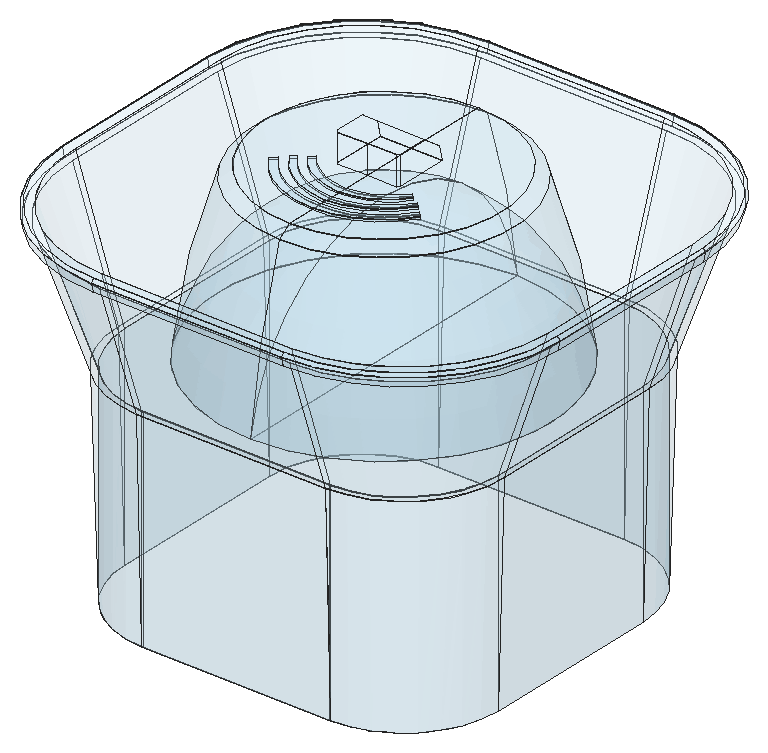
Revit family "Maxlogic Оповещатели световые, звуковые, светозвуковые (Низкий класс защиты IP)", category Fire Alarm Devices, host Face, Revit 2021
Family settings
  Host = Face
  Maintain Annotation Orientation = Yes
  Round Connector Dimension = Use Diameter
  Part Type = Normal
  OmniClass Number = 23.85.30.21
  OmniClass Title = Environmental Detection/Registration
  Cut with Voids When Loaded = No
  Shared = No
  Room Calculation Point = No
Parameters (values of type "Maxlogic Неадресный оповещатель пожарный светозвуковой")
  Вес = "220 гр"
  Монтажный короб для установки извещателя с поверхностной прокладкой кабеля = ""
  Гарантийный срок = "Года"
  Гарантийный срок запчастей = "2"
  Гарантия срока службы = "2"
  Версия = ""
  URL = "https://www.mavili.com.tr/"
  Монтажный комплект для установки извещателя в подвесной потолок = ""
  Номер позы общественных работ = "833-592"
  Класс защиты = "IP21C"
  Код продукта = "ML-2430"
  Номер телефона = "(+)90 216 466 45 05"
  Рабочее напряжение (по умолчанию) = "24 В Пост. ток"
  Диапазон рабочего напряжения = "21-28 В Пост. ток"
  Рабочая Температура = "(-10°C) - (+55°C)"
  Номинальная глубина = "101,5 мм"
  Номинальная ширина = "122 мм"
  Номинальная высота = "122 мм"
  Монтажная поверхность = "Настенная"
  Монтажная высота = "Выше пола на 240 см"
  Model = "MaxLogic"
  Manufacturer = "Mavili Elektronik Ticaret A.Ş."
  Инструкция по установке = "https://mavilielektronik.com/Revit/ML24XX_RU.pdf"
  Выход индикации = ""
  Номер факса = "(+)90 216 466 45 10"
  световой = yes
  Резервное питание = ""
  Почта = "mavili@mavili.com.tr"
  Отказ = ""
  Настройка адреса устройства = ""
  Description = "Неадресный оповещатель пожарный светозвуковой"
  Default Elevation = 0 mm
  Потребление тока = ""
  Валюта = ""
  Cost = 0
  Совместимые базы для монтажа = ""
  Цвет = "Красный"
  Производительность кода = "EN 54-3 / EN 54-23"
  Главный Материал = "Красный пластмассовый ABS"
  Вторичный материал = "Пластмассовый"
  Адрес №1 = "Şerifali Mahallesi Kutup Sokak No:27/1-2-4 Ümraniye TR-34775 İSTANBUL"
Types (10, lengths in mm): name | Вес | Номер позы общественных работ | Код продукта | Диапазон рабочего напряжения | Номинальная глубина | Инструкция по установке | световой | Настройка адреса устройства | Description | Производительность кода
  (no name) | "220 гр" | "833-592" | "ML-2430" | "21-28 В Пост. ток" | "101,5 мм" | "https://mavilielektronik.com/Revit/ML24XX_RU.pdf" | yes | "" | "Неадресный оповещатель пожарный светозвуковой" | "EN 54-3 / EN 54-23"
  Maxlogic Неадресный оповещатель пожарный звуковой | "195 гр" | "833-590" | "ML-2410" | "21-28 В Пост. ток" | "90 мм" | "https://mavilielektronik.com/Revit/ML24XX_RU.pdf" | no | "" | "Неадресный оповещатель пожарный звуковой" | "EN 54-3"
  Maxlogic Неадресный оповещатель пожарный световой | "205 гр" | "833-591" | "ML-2420" | "21-28 В Пост. ток" | "101,5 мм" | "https://mavilielektronik.com/Revit/ML24XX_RU.pdf" | yes | "" | "Неадресный оповещатель пожарный световой" | "EN 54-23"
  Maxlogic Неадресный оповещатель пожарный светозвуковой | "220 гр" | "833-592" | "ML-2430" | "21-28 В Пост. ток" | "101,5 мм" | "https://mavilielektronik.com/Revit/ML24XX_RU.pdf" | yes | "" | "Неадресный оповещатель пожарный светозвуковой" | "EN 54-3 / EN 54-23"
  Maxlogic Адресный звуковой оповещатель | "186 гр" | "" | "ML-1410" | "18-33 В Пост. ток" | "90 мм" | "https://mavilielektronik.com/Revit/ML14XX_RU.pdf" | no | "Модульная адресация" | "Адресный звуковой оповещатель" | "EN 54-3"
  Maxlogic Адресный звуковой оповещатель, с изолятором КЗ | "186 гр" | "" | "ML-1410.SCI" | "18-33 В Пост. ток" | "90 мм" | "https://mavilielektronik.com/Revit/ML14XX_RU.pdf" | no | "Модульная адресация" | "Адресный звуковой оповещатель, с изолятором КЗ" | "EN 54-3"
  Maxlogic Адресный световой оповещатель | "201 гр" | "" | "ML-1420" | "18-33 В Пост. ток" | "90 мм" | "https://mavilielektronik.com/Revit/ML14XX_RU.pdf" | yes | "Модульная адресация" | "Адресный световой оповещатель" | "EN 54-23"
  Maxlogic  Адресный световой оповещатель, с изолятором КЗ | "201 гр" | "" | "ML-1420.SCI" | "18-33 В Пост. ток" | "90 мм" | "https://mavilielektronik.com/Revit/ML14XX_RU.pdf" | yes | "Модульная адресация" | "Адресный световой оповещатель, с изолятором КЗ" | "EN 54-23"
  Maxlogic Адресный светозвуковой оповещатель | "217 гр" | "" | "ML-1430" | "18-33 В Пост. ток" | "90 мм" | "https://mavilielektronik.com/Revit/ML14XX_RU.pdf" | yes | "Модульная адресация" | "Адресный светозвуковой оповещатель" | "EN 54-3 / EN 54-23"
  Maxlogic Адресный светозвуковой оповещатель, с изолятором КЗ | "217 гр" | "" | "ML-1430.SCI" | "18-33 В Пост. ток" | "90 мм" | "https://mavilielektronik.com/Revit/ML14XX_RU.pdf" | yes | "Модульная адресация" | "Адресный светозвуковой оповещатель, с изолятором КЗ" | "EN 54-3 / EN 54-23"
Reference planes
  plane 1 "Center (Front/Back)": y = 0
  plane 2: z = 0
  plane 3 "Center (Left/Right)": x = 0
Forms (mm)
  Extrusion 1, solid, material "MAVİLİ ELEKTRONİK SİREN"
    sketch origin (0, 0, 0) x (1, 0, 0) y (0, 1, 0)
      loop
        line (-46.488, 83.967) -> (-46.488, 38.802)
        arc (-46.488, 38.802) -> (-39.64, 22.268) -> (-23.105, 15.42) r 23.383
        line (-23.105, 15.42) -> (23.105, 15.42)
        arc (23.105, 15.42) -> (39.64, 22.268) -> (46.488, 38.802) r 23.383
        line (46.488, 38.802) -> (46.488, 83.967)
        arc (46.488, 83.967) -> (39.64, 100.501) -> (23.105, 107.35) r 23.383
        line (23.105, 107.35) -> (-23.105, 107.35)
        arc (-23.105, 107.35) -> (-39.64, 100.501) -> (-46.488, 83.967) r 23.383
    from 0 to 52.7
  Sweep 2, solid, material "MAVİLİ ELEKTRONİK SİREN"
    path origin (0, 0, 52.7) x (1, 0, 0) y (0, 1, 0)
      loop
        arc (-46.488, 38.802) -> (-39.783, 22.413) -> (-23.513, 15.423) r 23.383
        line (-23.513, 15.423) -> (23.513, 15.423)
        arc (23.513, 15.423) -> (39.783, 22.413) -> (46.488, 38.802) r 23.383
        line (46.488, 38.802) -> (46.488, 83.967)
        arc (46.488, 83.967) -> (39.64, 100.501) -> (23.105, 107.35) r 23.383
        line (23.105, 107.35) -> (-23.105, 107.35)
        arc (-23.105, 107.35) -> (-39.64, 100.501) -> (-46.488, 83.967) r 23.383
        line (-46.488, 83.967) -> (-46.488, 38.802)
    profile origin (-39.783, 22.413, 52.7) x (0.713243, 0.700917, 0) y (0, 0, 1)
      loop
        line (0, 0) -> (-12.396, 36) -> (-14.67, 36)
        arc (-14.67, 36) -> (-15.2, 35.78) -> (-15.42, 35.25) r 0.75
        line (-15.42, 35.25) -> (-15.023, 33.004) -> (-13.012, 33.004) -> (-1.648, 0) -> (0, -52.7) -> (0, 0)
  Revolve 3, solid, material "MAVİLİ ELEKTRONİK SİREN"
    sketch origin (0, 0, 0) x (0, 1, 0) y (0, 0, 1)
      loop
        line (19.82, 52.7) -> (61.385, 52.7) -> (61.385, 88.7)
        arc (61.385, 88.7) -> (33.831, 78.518) -> (19.82, 52.7) r 41.712
      axis (61.385, 88.7) -> (61.385, 52.7)
    angle from 0 to 360
  Revolve 4, solid, material "MAVİLİ ELEKTRONİK SİREN", visible <- "световой"
    sketch origin (0, 83.967, 0) x (0, -1, 0) y (0, 0, 1)
      loop
        arc (64.147, 52.7) -> (60.829, 73.228) -> (54.973, 93.182) r 166.15
        line (54.973, 93.182) -> (52.054, 95.631) -> (22.583, 95.631) -> (22.583, 52.7) -> (64.147, 52.7)
      axis (22.583, 95.631) -> (22.583, 52.7)
    angle from 0 to 360
  Extrusion 5, solid, material "Glass", visible <- "световой"
    sketch origin (0, 61.385, 95.631) x (0, -1, 0) y (1, 0, 0)
      loop
        line (-8.595, 0) -> (-8.595, -7.768) -> (4.633, -7.768) -> (5.274, -7.249) -> (5.274, 0) -> (5.274, 7.249) -> (4.633, 7.768) -> (-8.595, 7.768) -> (-8.595, 0)
    from 0 to 7.175
  Extrusion 6, void
    sketch origin (48.136, 83.967, 0) x (0, -1, 0) y (0, 0, 1)
      loop
        line (19.563, 102.806) -> (13.987, 102.806) -> (13.987, 96.413) -> (13.987, 95.631) -> (15.016, 99.471) -> (19.563, 102.806)
    from 40.368 to 55.904
  Extrusion 7, solid, material "MAVİLİ ELEKTRONİK SİREN", visible <- "световой"
    sketch origin (0, 61.385, 95.631) x (0, -1, 0) y (1, 0, 0)
      loop
        arc (12.426, 0) -> (10.61, -6.761) -> (6.021, -12.046) r 15.601
        line (6.021, -12.046) -> (7.275, -13.3)
        arc (7.275, -13.3) -> (12.461, -7.509) -> (14.473, 0) r 16.742
        arc (14.473, 0) -> (12.461, 7.509) -> (7.275, 13.3) r 16.742
        line (7.275, 13.3) -> (6.021, 12.046)
        arc (6.021, 12.046) -> (10.61, 6.761) -> (12.426, 0) r 15.601
      loop
        arc (16.808, 0) -> (14.416, -8.514) -> (8.239, -14.842) r 17.895
        line (8.239, -14.842) -> (9.426, -16.029)
        arc (9.426, -16.029) -> (16.095, -9.182) -> (18.748, 0) r 19.665
        arc (18.748, 0) -> (16.095, 9.182) -> (9.426, 16.029) r 19.665
        line (9.426, 16.029) -> (8.239, 14.842)
        arc (8.239, 14.842) -> (14.416, 8.514) -> (16.808, 0) r 17.895
      loop
        arc (20.301, 0) -> (17.952, -10.014) -> (10.871, -17.474) r 19.678
        line (10.871, -17.474) -> (12.257, -18.86)
        arc (12.257, -18.86) -> (19.94, -10.801) -> (22.643, 0) r 21.802
        arc (22.643, 0) -> (19.94, 10.801) -> (12.257, 18.86) r 21.802
        line (12.257, 18.86) -> (10.871, 17.474)
        arc (10.871, 17.474) -> (17.952, 10.014) -> (20.301, 0) r 19.678
    from 0 to 0.585
Cuts and joins
  Extrusion 6 cuts Extrusion 5
Dimensions and locks
  aligned and locked: plane 2 to host face
  aligned and locked: level to host face
